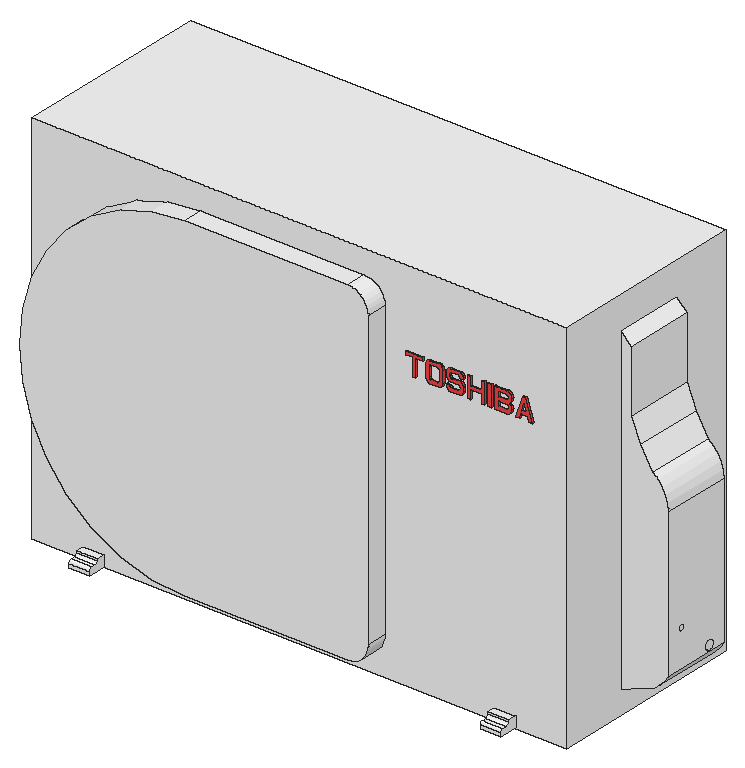
Revit family "RAS-J2AVSG1_10-16_Outdoor Unit", category Mechanical Equipment, Revit 2017 (continued)
Automatic sketch dimensions
  curve 167 to curve 21 = 22.144 mm
  curve 29 to curve 23 = 5 mm
  curve 27 to curve 26 = 1 mm
  curve 35 to curve 34 = 1 mm
  curve 39 to curve 39 = 1 mm
  curve 11 to curve 10 = 1 mm
  curve 19 to curve 18 = 1 mm
  curve 46 to plane 10 = 26.5 mm
  plane 8 to curve 46 = 44 mm
  radius of Extrusion 4 sketch curve = 6.35 mm
  radius of Extrusion 4 sketch curve = 3.2 mm
  radius of Extrusion 6 sketch curve = 12.5 mm
Nested families
  nested 1: "GRILL" at (-148.36, 238.923, 555) x (0, 0, -1) z (1, 0, 0), type "GRILL", detail levels medium+fine
  nested 2: "3-SERVICE AREA" at (0, 0, 280), SERVICE AREA <- "Service Area", visible <- "Service Area", type "3-SERVICE AREA"
    with Top Clearance (default) 600 mm, SERVICE AREA no, Rear Clearance 100 mm, Front Clearance 600 mm
Connectors
  piping at (460.247, -23.53, 409), diameter 6.4
    settings: on Extrusion 4, index 5, connector inside diameter 609.6 mm, connector length 0 mm, flow factor 0, pipe flow 0.0 L/s, pressure drop 0.0 Pa, fitting loss kfactor 0, connector angle 0.00°, fixture units 0, engagement length 0 mm, angle of deflection 0.00°, flow configuration 0, flow direction 1, fitting loss method 0, system type 7, joint type 0, gender type 0, connector reference index -1, connector utility 0, adjustable connector no, is connector primary yes, connector description "Refrigerant Pipe  Connecting Port-Liquid (dia 6.4 mm)"
  piping at (460.247, 26.934, 364), diameter 12.7
    settings: on Extrusion 4, index 6, connector inside diameter 609.6 mm, connector length 0 mm, flow factor 0, pipe flow 0.0 L/s, pressure drop 0.0 Pa, fitting loss kfactor 0, connector angle 0.00°, fixture units 0, engagement length 0 mm, angle of deflection 0.00°, flow configuration 0, flow direction 2, fitting loss method 0, system type 8, joint type 0, gender type 0, connector reference index -1, connector utility 0, adjustable connector no, is connector primary no, connector description "Refrigerant Pipe  Connecting Port-Gas (dia 12.7mm)"
  electrical at (408.149, -1.201, 651.595)
    settings: on Extrusion 5, index 7, voltage 0 V, apparent load 0 VA, apparent load phase1 0 VA, apparent load phase2 0 VA, apparent load phase3 0 VA, power factor 1, load classification "Other", number of poles 1, system type 31, power factor state 1, is connector primary yes, connector utility no, sub classification motor no, connector description "ELECTRICAL CONNECTOR"
  piping at (460.247, 26.934, 364), diameter 9.5
    settings: on Extrusion 4, index 9, connector inside diameter 609.6 mm, connector length 0 mm, flow factor 0, pipe flow 0.0 L/s, pressure drop 0.0 Pa, fitting loss kfactor 0, connector angle 0.00°, fixture units 0, engagement length 0 mm, angle of deflection 0.00°, flow configuration 0, flow direction 2, fitting loss method 0, system type 8, joint type 0, gender type 0, connector reference index -1, connector utility 0, adjustable connector no, is connector primary no, connector description "Refrigerant Pipe  Connecting Port-Gas (dia 9.5mm)"
  piping at (-108, 86, 277.009), diameter 25
    settings: on Extrusion 6, index 12, connector inside diameter 609.6 mm, connector length 0 mm, flow factor 0, pipe flow 0.0 L/s, pressure drop 0.0 Pa, fitting loss kfactor 0, connector angle 0.00°, fixture units 0, engagement length 0 mm, angle of deflection 0.00°, flow configuration 0, flow direction 2, fitting loss method 0, system type 17, joint type 0, gender type 0, connector reference index -1, connector utility 0, adjustable connector no, is connector primary no, connector description "DRAIN PORT"
Definition of nested family "GRILL"
  Reference planes
    plane 1 "Center (Front/Back)": y = 0
    plane 2: z = 0
    plane 3 "Center (Left/Right)": x = 0
    plane 4: y = -413.923
  Forms (mm)
    Extrusion 1, solid
      sketch origin (0, -413.923, -193.317) x (0, 0, -1) y (-1, 0, 0)
        loop
          arc (-436.409, 240) -> (-457.622, 231.213) -> (-466.409, 210) r 30
          line (-466.409, 210) -> (-466.409, -220)
          arc (-466.409, -220) -> (-457.622, -241.213) -> (-436.409, -250) r 30
          line (-436.409, -250) -> (-197.898, -250)
          arc (-197.898, -250) -> (-26.434, -177.929) -> (42.05, -5) r 240
          arc (42.05, -5) -> (-26.434, 167.929) -> (-197.898, 240) r 240
          line (-197.898, 240) -> (-436.409, 240)
      from 0 to 30
  Lines and regions (mm)
    model lines
      curve 1: circle (0, -413.923, 0) r 200 normal (0, 1, 0)
      curve 2: circle (0, -413.923, 0) r 180 normal (0, 1, 0)
      curve 3: circle (0, -413.923, 0) r 160 normal (0, 1, 0)
      curve 4: circle (0, -413.923, 0) r 140 normal (0, 1, 0)
      curve 5: circle (0, -413.923, 0) r 160 normal (0, 1, 0)
      curve 6: circle (0, -413.923, 0) r 120 normal (0, 1, 0)
      curve 7: circle (0, -413.923, 0) r 100 normal (0, 1, 0)
      curve 8: line (-190.046, -413.923, 253.473) -> (-74.373, -413.923, 253.473)
      curve 9: line (-215.046, -413.923, 117.612) -> (-215.046, -413.923, 228.473)
      curve 10: arc (-215.046, -413.923, 117.612) -> (-158.545, -413.923, 199.869) -> (-74.373, -413.923, 253.473) r 250
      curve 11: arc (-190.046, -413.923, 253.473) -> (-207.723, -413.923, 246.151) -> (-215.046, -413.923, 228.473) r 25
      curve 12: circle (0, -413.923, 0) r 80 normal (0, 1, 0)
      curve 13: line (190.501, -413.923, 248.264) -> (74.828, -413.923, 248.264)
      curve 14: line (215.501, -413.923, 112.403) -> (215.501, -413.923, 223.264)
      curve 15: arc (215.501, -413.923, 112.403) -> (159.001, -413.923, 194.66) -> (74.828, -413.923, 248.264) r 250
      curve 16: arc (190.501, -413.923, 248.264) -> (208.179, -413.923, 240.942) -> (215.501, -413.923, 223.264) r 25
  Dimensions and locks
    plane 3 "Center (Left/Right)" to Extrusion 1 sketch curve = 240 mm
    locked: Extrusion 1 sketch curve to Extrusion 1 sketch curve at 490
    Extrusion 1 sketch curve to plane 3 "Center (Left/Right)" = 250 mm
    aligned and locked: plane 2 to level
Definition of nested family "3-SERVICE AREA"
  Parameters (values of type "3-SERVICE AREA")
    Top Clearance (default) [instance] = 600 mm
    SERVICE AREA [instance] = yes
    Right Side Clearance (mm) (default) = 600 mm
    Rear Clearance [instance] = 100 mm
    Left Side Clearance (mm) (default) = 100 mm
    Front Clearance [instance] = 600 mm
  Reference planes
    plane 1 "Center (Front/Back)": y = 0
    plane 2: z = 0
    plane 3 "Center (Left/Right)": x = 0
    plane 4: y = -745
    plane 5: x = -390
    plane 6: y = -145
    plane 7: y = 145
    plane 8: x = 390
    plane 9: x = 990
    plane 10: y = 245
    plane 11: z = 550
    plane 12: z = 1150
    plane 13: x = -490
  Forms (mm)
    Extrusion 1, solid, visible <- "SERVICE AREA"
      sketch origin (-0.5, -425, 0) x (1, 0, 0) y (0, 1, 0)
        loop
          line (-389.5, 280) -> (-389.5, -320) -> (390.5, -320) -> (390.5, 280) -> (-389.5, 280)
        loop
          line (-389.5, 570) -> (390.5, 570) -> (390.5, 670) -> (-389.5, 670) -> (-389.5, 570)
      from 0 to 550
    Extrusion 2, solid, visible <- "SERVICE AREA"
      sketch origin (0, 0, 0) x (1, 0, 0) y (0, 0, 1)
        loop
          line (-390, 550) -> (390, 550) -> (390, 1150) -> (-390, 1150) -> (-390, 550)
      from -145 to 145
    Extrusion 3, solid, visible <- "SERVICE AREA"
      sketch origin (-495, -1524, 550) x (0, -1, 0) y (-1, 0, 0)
        loop
          line (-1669, -885) -> (-1669, -1485) -> (-1379, -1485) -> (-1379, -885) -> (-1669, -885)
      from 0 to 550
    Extrusion 4, solid, visible <- "SERVICE AREA"
      sketch origin (-495, -1524, 550) x (0, -1, 0) y (-1, 0, 0)
        loop
          line (-1669, -105) -> (-1379, -105) -> (-1379, -5) -> (-1669, -5) -> (-1669, -105)
      from 0 to 550
  Dimensions and locks
    "Front Clearance": plane 4 to plane 6
    "Rear Clearance": plane 7 to plane 10
    locked: plane 11 to level at 550
    locked: plane 5 to plane 8 at 780
    equal spacing: plane 5, plane 3 "Center (Left/Right)", plane 8, locked at 390 each
    locked: plane 6 to plane 7 at 290
    equal spacing: plane 6, plane 1 "Center (Front/Back)", plane 7, locked at 145 each
    Extrusion 4 sketch curve to Extrusion 2 = 100 mm
    "Left Side Clearance (mm) (default)": plane 13 to plane 5
    "Right Side Clearance (mm) (default)": plane 8 to plane 9
    aligned and locked: level to plane 2
    aligned and locked: plane 10 to Extrusion 1 sketch curve
    aligned and locked: Extrusion 1 sketch curve to plane 4
    aligned and locked: Extrusion 1 to plane 7
    aligned and locked: plane 5 to Extrusion 1  (x2)
    aligned and locked: plane 8 to Extrusion 1  (x2)
    aligned and locked: plane 8 to Extrusion 2 sketch curve
    aligned and locked: Extrusion 3 sketch curve to plane 6
    aligned and locked: Extrusion 3 to level
    aligned and locked: plane 6 to Extrusion 4 sketch curve
    aligned and locked: Extrusion 4 to level
  Automatic sketch dimensions
    plane 5 to Extrusion 1 sketch curve = 0 mm  (x2)
    Extrusion 1 sketch curve to plane 7 = 0 mm
    Extrusion 1 sketch curve to plane 8 = 0 mm  (x2)
    plane 6 to Extrusion 1 sketch curve = 0 mm
    plane 5 to Extrusion 2 sketch curve = 0 mm
    Extrusion 2 sketch curve to plane 11 = 0 mm
    Extrusion 2 sketch curve to plane 11 = 600 mm
    Extrusion 3 sketch curve to plane 7 = 0 mm
    Extrusion 3 sketch curve to plane 8 = 0 mm
    Extrusion 3 sketch curve to plane 9 = 0 mm
    Extrusion 4 sketch curve to plane 7 = 0 mm
    Extrusion 4 sketch curve to plane 5 = 0 mm
Types (4, lengths in mm): name | Weight (Kg) | Sound pressure dB(A)-Cooling/Heating-High | Rated Capacity kW-Cooling/Heating | Running current-Heating | Running current-Cooling | Power consumption-Heating | Power consumption-Cooling | Rated Power Consumption kW-Cooling/Heating | Model | Manufacturer Art. No. | Piping diameter (mm)-Gas | Seasonal Efficiency-SEER  / SCOP | Rated efficiency-EER / COP | Article Type | Airflow m3/h-Cooling/Heating
  (no name) | "33" | "48 / 50" | "4.6 / 5.5" | "7.04 - 6.46" | "6.41 - 5.91" | "1475" | "1305" | "1.35 / 1.52" | "RAS-16J2AVSG-E1" | "RAS-16J2AVSG-E1" | 12.7 | "7.80 / 4.60" | "3.41 / 3.62" | "RAS-16J2AVSG-E1" | "2040 / 2040"
  RAS-10J2AVSG-E1 | "26" | "46 / 48" | "2.5 / 3.2" | "3.30 - 3.02" | "2.57 - 2.35" | "705" | "505" | "0.54 / 0.74" | "RAS-07J2AVSG-E" | "RAS-10J2AVSG-E1" | 9.5 | "8.60 / 5.10" | "4.63 / 4.32" | "RAS-10J2AVSG-E1" | "1890 / 1890"
  RAS-13J2AVSG-E1 | "30" | "46 / 48" | "3.5 / 4.2" | "4.92 - 4.54" | "4.23 - 3.86" | "1040" | "760" | "0.80 / 1.08" | "RAS-13J2AVSG-E1" | "RAS-13J2AVSG-E1" | 9.5 | "8.60 / 5.10" | "4.38 / 3.89" | "RAS-13J2AVSG-E1" | "1950 / 1950"
  RAS-16J2AVSG-E1 | "33" | "48 / 50" | "4.6 / 5.5" | "7.04 - 6.46" | "6.41 - 5.91" | "1475" | "1305" | "1.35 / 1.52" | "RAS-16J2AVSG-E1" | "RAS-16J2AVSG-E1" | 12.7 | "7.80 / 4.60" | "3.41 / 3.62" | "RAS-16J2AVSG-E1" | "2040 / 2040"
